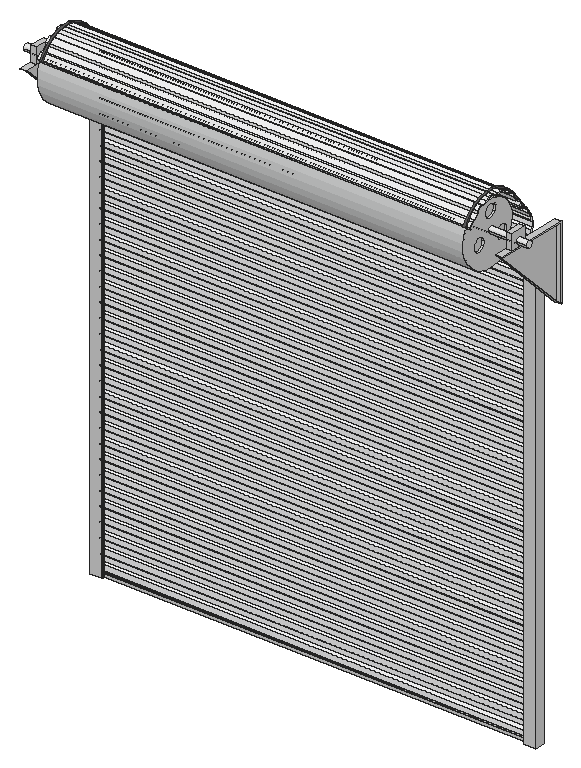
Revit family "Doors_Industrial_Wayne-Dalton_Wind-Load-Roll-Up-Sheet-Doors-Model-790-CW", category Specialty Equipment, host Wall, Revit 2026
Family settings
  Host = Wall
  Round Connector Dimension = Use Diameter
  Part Type = Normal
  Classification Number = 23.30.10.21.34
  Enable Cutting in Views = No
  Always vertical = Yes
  Cut with Voids When Loaded = No
  Maintain Annotation Orientation = No
  Shared = No
  Room Calculation Point = No
Parameters (values of type "‏​Manual push-up")
  Voltage = 0 V
  True Opening Width [instance] = Clear Width  # 100"
  True Opening Height [instance] = Clear Height  # 100"
  Slat Height = 3 91/256" * 3  # 10 17/256"
  Product Page URL = "https://www.wayne-dalton.com/roll-up-sheet-door-790cw"
  Slat Length [instance] = [Opening Width (Real)] + 1/4" * 2 + 1 77/256" * 2  # 103 13/128"
  Power Factor = 1
  Opening Width [instance] = 100"
  Opening Height [instance] = 100"
  Number of Poles = 1
  Motor Type [instance] = "RMZ Wall Mount"  # constant formula
  Min Opening Width [instance] = 96"  # constant formula
  Min Opening Height [instance] = 96"  # constant formula
  Max Opening Width [instance] = 240"  # constant formula
  Max Opening Height [instance] = 192"  # constant formula
  Headroom Height [instance] = 23"  # constant formula
  Opening Width (Real) [instance] = if(Opening Width < Min Opening Width, Min Opening Width, if(Opening Width > Max Opening Width, Max Opening Width, Opening Width))  # 100"
  Opening Height (Real) [instance] = if(Opening Height < Min Opening Height, Min Opening Height, if(Opening Height > Max Opening Height, Max Opening Height, Opening Height))  # 100"
  URL = "https://www.wayne-dalton.com/"
  Product data url = "https://www.bimobject.com/wayne-dalton/product/roll-up-sheet-door-790cw"
  Product Guid = "45e5e410-d0bf-4ab5-9bc7-2935a101f9e6"
  Model = "790CW"  # constant formula
  Manufacturer = "Wayne Dalton"  # constant formula
  Wall Closure = By host
  Frequency = 0 Hz
  Floor To (CL) of Shaft [instance] = [Opening Height (Real)] + 13 95/128" + 1"  # 114 95/128"
  Finish Material = Metal - Wayne Dalton - Galvanized Steel
  Electrical Operator = no
  Description = "MODEL 790CW COMMERCIAL WINDLOAD SHEET DOOR"  # constant formula
  Default Elevation = 0"
  Curtain Material [instance] = Steel - Wayne Dalton - White
  Current = 0 A
  Connection Offset [instance] = [Floor To (CL) of Shaft] - Array Length - 1 3/16" + 1/256"  # 2 53/64"
  Clear Width [instance] = [Opening Width (Real)]  # 100"
  Clear Height [instance] = [Opening Height (Real)]  # 100"
  Chain Hoist = no
  Backroom Depth [instance] = 21"  # constant formula
  Array Length [instance] = (Array) * Slat Height  # 110 187/256"
  Array [instance] = rounddown(([Opening Height (Real)] - 1 3/16" + 11 145/256" + 1") / Slat Height)  # 11
  Apparent Load Phase 1 = Voltage * Current  # 0 VA
Reference planes (in)
  plane 1 "Center (Front/Back)": y = 0
  plane 2 "Center (Left/Right)": x = 0
  plane 3 "Left": x = -50
  plane 4 "Right": x = 50
  plane 5 "Exterior": y = 1.5
  plane 6 "Interior": y = -4.5
  plane 7: x = 50
  plane 8: x = -50
  plane 9: z = 100
  plane 10 "Top": z = 123
  plane 11 "Main": y = -5.75
  plane 12: y = -25.5
  plane 13 "Main Door Block": y = -4.5
  plane 14: z = 47.47
  plane 15 "Bottom Bar": z = 1.1875
  plane 16: x = 52.5
  plane 17: x = -52.5
  plane 18: y = -5.253
  plane 19: y = -6.048
  plane 20: z = 111.91797
  plane 21: z = 114.74219
  plane 22: z = 11.25391
Lines and regions (in)
  Opening 1
    outline origin (-90, -4.5, 0) x (1, 0, 0) y (0, 0, 1)
      loop
        line (40, 0) -> (140, 0) -> (140, 100) -> (40, 100) -> (40, 0)
Text (in)
  text "Exterior" at (-74.96733, 27.31104, 0), in view "Ref. Level"
  text "Interior" at (-74.96733, -25.14366, 0), in view "Ref. Level"
  text "Exterior" at (0, 40.15149, 123.01588), in view "Right"
  text "Interior" at (0, -64.39139, 123.01588), in view "Right"
  text "Interior" at (0, -31.01599, 123.00693), in view "Left"
  text "Exterior" at (0, 54.57065, 123.00693), in view "Left"
Dimensions and locks (in)
  equal spacing: plane 3 "Left", plane 2 "Center (Left/Right)", plane 4 "Right"
  level to host wall = 459.59655"
  "Opening Height (Real)": level to plane 9
  plane 8 to plane 2 "Center (Left/Right)" to plane 7 = 50", 50"
  "Headroom Height": plane 9 to plane 10 "Top"
  locked: plane 13 "Main Door Block" to plane 11 "Main" at 1.25
  locked: plane 1 "Center (Front/Back)" to plane 6 "Interior" at 4.5
  locked: plane 8 to plane 17 at 2.5
  locked: plane 16 to plane 7 at 2.5
  locked: plane 5 "Exterior" to plane 1 "Center (Front/Back)" at 1.5
  equal spacing: plane 7, plane 2 "Center (Left/Right)", plane 8
  locked: plane 18 to plane 11 "Main" at 0.497
  "Opening Width (Real)": plane 7 to plane 8
  "Backroom Depth": plane 12 to plane 6 "Interior"
  locked: plane 11 "Main" to plane 19 at 0.298
  plane 19 to plane 11 "Main" = 0.298"
  locked: plane 15 "Bottom Bar" to level at 1.1875
  "Array Length": plane 20 to plane 15 "Bottom Bar"
  "Floor To (CL) of Shaft": plane 21 to level
  "Slat Height": plane 22 to plane 15 "Bottom Bar"
  equal spacing: group 1, group 2, group 3, group 4, group 5, group 6, group 7, group 8, group 9, group 10, group 11  (x3)
  locked: plane 12 to nested 3 at 8.257
  aligned and locked: Opening 1 sketch curve to level
  aligned and locked: plane 5 "Exterior" to host wall
  aligned and locked: host wall to plane 6 "Interior"
  aligned and locked: plane 8 to Opening 1 sketch curve
  aligned and locked: plane 7 to Opening 1 sketch curve
  aligned and locked: Opening 1 sketch curve to plane 9
  aligned and locked: plane 13 "Main Door Block" to plane 6 "Interior"
  aligned and locked: plane 21 to nested 3
  aligned and locked: plane 2 "Center (Left/Right)" to nested 3
  aligned and locked: plane 15 "Bottom Bar" to nested 2
  aligned and locked: plane 22 to nested 4
  aligned and locked: plane 19 to nested 2
  aligned and locked: plane 19 to nested 4
  aligned and locked: plane 2 "Center (Left/Right)" to nested 2
  aligned and locked: plane 2 "Center (Left/Right)" to nested 4
  aligned and locked: nested 1 to plane 6 "Interior"
  aligned and locked: level to nested 1
  aligned and locked: nested 1 to plane 2 "Center (Left/Right)"
  aligned and locked: plane 7 to nested 13
  aligned and locked: plane 21 to nested 13
Nested families (in)
  nested 1: "Lifts" at (0, -4.5, 0) x (-1, 0, 0) z (0, 0, 1), type "Frame Unit"
  nested 2: "Slat" at (0, -6.048, 1.1875), type "Slat"
  nested 3: "Top Slat" at (0, -17.243, 114.74219), type "Top Slat"
  nested 4: "Slat" at (0, -6.048, 11.25391), type "Slat"
  nested 5: "Slat" at (0, -6.048, 21.32031), type "Slat"
  nested 6: "Slat" at (0, -6.048, 31.38672), type "Slat"
  nested 7: "Slat" at (0, -6.048, 41.45313), type "Slat"
  nested 8: "Slat" at (0, -6.048, 51.51953), type "Slat"
  nested 9: "Slat" at (0, -6.048, 61.58594), type "Slat"
  nested 10: "Slat" at (0, -6.048, 71.65234), type "Slat"
  nested 11: "Slat" at (0, -6.048, 81.71875), type "Slat"
  nested 12: "Slat" at (0, -6.048, 91.78516), type "Slat"
  nested 13: "Operator" at (50, -17.243, 114.74219), type "Family1"
  nested 14: "Slat" at (0, -6.048, 101.85156), type "Slat"
Connectors (in)
  electrical at (55.75, -17.243, 114.74219), driven by "Number of Poles", driven by "Voltage", driven by "Power Factor"
    settings: on nested 13, index 1, voltage 0 V, apparent load 0 VA, apparent load phase1 0 VA, apparent load phase2 0 VA, apparent load phase3 0 VA, power factor 1, load classification "Other", number of poles 1, system type 31, power factor state 1, is connector primary yes, connector utility no, sub classification motor no, connector description "Electrical Connector"
Definition of nested family "Lifts"
  Parameters (values of type "Frame Unit")
    Shaft Radius = 3/4"  # constant formula
    Shaft Material = none
    Setback = 1/4"  # constant formula
    Right Shaft Offset = 10"
    Resin Support Outter Radius = 8.257"  # constant formula
    Resin Support Inner Radius = 8.187"  # constant formula
    Resin Stopper Radius = 1 1/2"  # constant formula
    Resin Muft Offset = 2.141"  # constant formula
    Resin Elements Material = none
    Opening Width = 100"
    Muft Outter Radius = 8.257"  # constant formula
    Muft Inner Radius = 6 3/8"  # constant formula
    Left Shaft Offset = 10"
    J Offset = 11.743" + 1"  # 12.743"
    Headroom Height = 23"
    Header Width = 21"
    H = 12.243" + 1"  # 13.243"
    Guide Width R Real = Guid Width + Setback  # 3 1/4"
    Guide Width L Real = Guid Width + Setback  # 3 1/4"
    Guid Width = 3"  # constant formula
    Opening Height = 100"
    Floor To (CL) of Shaft = Opening Height + 13.742" + 1"  # 114.742"
    Finish Material = none
    Default Elevation = 48"
    Analytic Construction = "<None>"
  Reference planes (in)
    plane 1 "Center (Front/Back)": y = 0
    plane 2: z = 0
    plane 3 "Center (Left/Right)": x = 0
    plane 4 "Left": x = -50
    plane 5 "Right": x = 50
    plane 6 "Opening Height": z = 100
    plane 7: x = -60
    plane 8: x = 60
    plane 9: z = 123
    plane 10: y = 21
    plane 11: x = -25
    plane 12: x = 25
    plane 13: z = 114.742
    plane 14: y = 12.743
    plane 15: x = -51.55
    plane 16: x = 51.55
    plane 17: x = 53.25
    plane 18: x = -53.25
    plane 19: z = 113.243
    plane 20: x = 57
    plane 21: x = 50.75
    plane 22: x = -50.75
  Forms (in)
    Extrusion 1, solid, material <- "Finish Material"
      sketch origin (0, 0, 0) x (1, 0, 0) y (0, 1, 0)
        loop
          line (-53.25, 0) -> (-50.375, 0)
          arc (-50.375, 0) -> (-50.28661, 0.03661) -> (-50.25, 0.125) r 0.125
          line (-50.25, 0.125) -> (-50.25, 0.625)
          arc (-50.25, 0.625) -> (-50.26831, 0.66919) -> (-50.3125, 0.6875) r 0.0625
          line (-50.3125, 0.6875) -> (-51.55, 0.6875) -> (-51.55, 1.78125) -> (-50.325, 1.78125)
          arc (-50.325, 1.78125) -> (-50.27197, 1.80322) -> (-50.25, 1.85625) r 0.075
          line (-50.25, 1.85625) -> (-50.25, 2.21875)
          arc (-50.25, 2.21875) -> (-50.28661, 2.30714) -> (-50.375, 2.34375) r 0.125
          line (-50.375, 2.34375) -> (-53.25, 2.34375) -> (-53.25, 0)
        loop
          line (53.25, 0) -> (53.25, 2.34375) -> (50.3625, 2.34375)
          arc (50.3625, 2.34375) -> (50.28295, 2.3108) -> (50.25, 2.23125) r 0.1125
          line (50.25, 2.23125) -> (50.25, 1.85625)
          arc (50.25, 1.85625) -> (50.27197, 1.80322) -> (50.325, 1.78125) r 0.075
          line (50.325, 1.78125) -> (51.55, 1.78125) -> (51.55, 0.6875) -> (50.3125, 0.6875)
          arc (50.3125, 0.6875) -> (50.26831, 0.66919) -> (50.25, 0.625) r 0.0625
          line (50.25, 0.625) -> (50.25, 0.125)
          arc (50.25, 0.125) -> (50.28661, 0.03661) -> (50.375, 0) r 0.125
          line (50.375, 0) -> (53.25, 0)
      from 100 to 0
    Extrusion 2, solid, material <- "Finish Material"
      sketch origin (0, 0, 0) x (0, 1, 0) y (0, 0, 1)
        loop
          line (2.0625, 1) -> (2.0625, 1.1875) -> (1.45087, 1.1875) -> (1.45087, 2.125) -> (-0.15187, 2.125) -> (-0.3125, 1.96437) -> (-0.3125, 1.34813) -> (-0.15187, 1.1875) -> (0, 1.1875) -> (0, 1) -> (2.0625, 1)
      from -51.55 to 51.55
    Extrusion 3, solid, material <- "Finish Material"
      sketch origin (0, 0, 0) x (0, 1, 0) y (0, 0, 1)
        loop
          line (0.73437, 1) -> (0.73437, 0) -> (1.73437, 0) -> (1.73437, 1) -> (0.73437, 1)
      from -51.55 to 51.55
    Extrusion 4, solid, material <- "Shaft Material"
      sketch origin (0, 0, 0) x (0, 1, 0) y (0, 0, 1)
        loop
          circle (12.743, 114.742) r 0.75
      from -60 to 60
    Extrusion 5, solid, material <- "Finish Material"
      sketch origin (-53.25, 0, 100) x (0, 0, 1) y (0, -1, 0)
        loop
          line (13.243, -14.568) -> (16.893, -14.568) -> (16.893, -10.918) -> (13.243, -10.918) -> (13.243, 0) -> (-4.5, 0) -> (13.243, -17.743) -> (13.243, -14.568)
      from -4.25 to -2.75
    Extrusion 6, solid, material <- "Finish Material"
      sketch origin (53.25, 0, 100) x (0, 0, 1) y (0, -1, 0)
        loop
          line (13.243, -14.568) -> (16.893, -14.568) -> (16.893, -10.918) -> (13.243, -10.918) -> (13.243, 0) -> (-4.5, 0) -> (13.243, -17.743) -> (13.243, -14.568)
      from 4.25 to 2.75
    Extrusion 7, void
      sketch origin (0, 0, 0) x (1, 0, 0) y (0, 1, 0)
        loop
          line (50, -0.3125) -> (51.55, -0.3125) -> (51.55, 0.125) -> (50, 0.125) -> (50, -0.3125)
        loop
          line (-50, -0.3125) -> (-50, 0.125) -> (-51.55, 0.125) -> (-51.55, -0.3125) -> (-50, -0.3125)
      from 0 to 2.125
    Extrusion 8, solid, material <- "Finish Material"
      sketch origin (0, 12.743, 114.742) x (0, 0.906308, 0.422618) y (0, -0.422618, 0.906308)
        loop
          arc (6.375, 0) -> (0, 6.375) -> (-6.375, 0) r 6.375
          line (-6.375, 0) -> (-8.257, 0)
          arc (-8.257, 0) -> (0, -8.257) -> (8.257, 0) r 8.257
          line (8.257, 0) -> (6.375, 0)
        loop
          circle (1.658, 3.5556) r 1.625
        loop
          circle (2.25024, -3.21367) r 1.625
        loop
          circle (-3.90824, -0.34193) r 1.625
      from 50.75 to -50.75
    Extrusion 9, solid, material <- "Finish Material"
      sketch origin (0, 0, 0) x (0, 1, 0) y (0, 0, 1)
        loop
          circle (12.743, 114.742) r 6.375
      from -50 to 50
    Extrusion 10, void
      sketch origin (53.25, 0, 100) x (0, 0, 1) y (-1, 0, 0)
        loop
          line (12.963, -3.03) -> (-4.5, -3.03) -> (-4.5, -4.25) -> (12.963, -4.25) -> (12.963, -3.03)
        loop
          line (16.893, -4.25) -> (16.893, -4.1749) -> (13.243, -4.1749) -> (13.243, -4.25) -> (16.893, -4.25)
        loop
          line (16.893, -2.75) -> (13.243, -2.75) -> (13.243, -2.8251) -> (16.893, -2.8251) -> (16.893, -2.75)
      from -0.28 to -20.22638
    Extrusion 11, void
      sketch origin (-53.25, 0, 100) x (0, 0, -1) y (-1, 0, 0)
        loop
          line (-12.963, 3.03) -> (4.5, 3.03) -> (4.5, 4.25) -> (-12.963, 4.25) -> (-12.963, 3.03)
        loop
          line (-16.893, 4.25) -> (-16.893, 4.1749) -> (-13.243, 4.1749) -> (-13.243, 4.25) -> (-16.893, 4.25)
        loop
          line (-16.893, 2.75) -> (-13.243, 2.75) -> (-13.243, 2.8251) -> (-16.893, 2.8251) -> (-16.893, 2.75)
      from 0.28 to 17.743
    Sweep 12, solid, material <- "Resin Elements Material"
      path origin (0, 0, 0) x (0, 1, 0) y (0, 0, 1)
        loop
          line (0.6875, 0) -> (0.6875, 112.601) -> (6.19446, 119.77138)
          arc (6.19446, 119.77138) -> (13.64369, 122.94973) -> (20.22638, 118.23156) r 8.257
      profile origin (0, 0.6875, 56.3005) x (0, -1, 0) y (1, 0, 0)
        loop
          line (0, 50.25) -> (0, 50.75) -> (-0.07, 50.75) -> (-0.07, 50.25) -> (0, 50.25)
        loop
          line (0, -50.25) -> (-0.07, -50.25) -> (-0.07, -50.75) -> (0, -50.75) -> (0, -50.25)
  Cuts and joins
    Extrusion 11 cuts Extrusion 5
    Extrusion 10 cuts Extrusion 6
    joined: Extrusion 5, Extrusion 6
    Extrusion 7 cuts Extrusion 2
  Lines and regions (in)
    Masking region 1
      outline origin (0, 0, 0) x (1, 0, 0) y (0, 1, 0)
        loop
          line (-51.55, 2.34375) -> (-53.25, 2.34375) -> (-53.25, 0) -> (-51.55, 0) -> (-51.55, 2.34375)
        loop
          line (51.55, 2.34375) -> (51.55, 0) -> (53.25, 0) -> (53.25, 2.34375) -> (51.55, 2.34375)
    Masking region 2
      outline origin (0, 0, 0) x (1, 0, 0) y (0, 1, 0)
        loop
          line (60, 11.993) -> (60, 13.493) -> (57.4249, 13.493) -> (57.4249, 14.568) -> (56.0751, 14.568) -> (56.0751, 13.493) -> (51.55, 13.493) -> (51.55, 11.993) -> (56.0751, 11.993) -> (56.0751, 10.918) -> (57.4249, 10.918) -> (57.4249, 11.993) -> (60, 11.993)
        loop
          line (-60, 11.993) -> (-57.4249, 11.993) -> (-57.4249, 10.918) -> (-56.0751, 10.918) -> (-56.0751, 11.993) -> (-51.55, 11.993) -> (-51.55, 13.493) -> (-56.0751, 13.493) -> (-56.0751, 14.568) -> (-57.4249, 14.568) -> (-57.4249, 13.493) -> (-60, 13.493) -> (-60, 11.993)
    Masking region 3
      outline origin (0, 0, 0) x (1, 0, 0) y (0, 1, 0)
        loop
          line (-56, 0) -> (-56, 17.743) -> (-57.5, 17.743) -> (-57.5, 0) -> (-56, 0)
        loop
          line (56, 17.743) -> (56, 0) -> (57.5, 0) -> (57.5, 17.743) -> (56, 17.743)
    Masking region 4
      outline origin (0, 0, 0) x (1, 0, 0) y (0, 1, 0)
        loop
          line (-53.25, 2.34375) -> (-53.25, 0) -> (-50.375, 0)
          arc (-50.375, 0) -> (-50.28661, 0.03661) -> (-50.25, 0.125) r 0.125
          line (-50.25, 0.125) -> (-50.25, 0.625)
          arc (-50.25, 0.625) -> (-50.26831, 0.66919) -> (-50.3125, 0.6875) r 0.0625
          line (-50.3125, 0.6875) -> (-51.55, 0.6875) -> (-51.55, 1.78125) -> (-50.75, 1.78125) -> (-50.75, 2.34375) -> (-53.25, 2.34375)
        loop
          line (53.25, 2.34375) -> (50.75, 2.34375) -> (50.75, 1.78125) -> (51.55, 1.78125) -> (51.55, 0.6875) -> (50.3125, 0.6875)
          arc (50.3125, 0.6875) -> (50.26831, 0.66919) -> (50.25, 0.625) r 0.0625
          line (50.25, 0.625) -> (50.25, 0.125)
          arc (50.25, 0.125) -> (50.28661, 0.03661) -> (50.375, 0) r 0.125
          line (50.375, 0) -> (53.25, 0) -> (53.25, 2.34375)
    Masking region 5
      outline origin (0, 0, 0) x (1, 0, 0) y (0, 1, 0)
        loop
          line (-50.75, 20.22638) -> (-50.75, 0.6875) -> (-50.25, 0.6875) -> (-50.25, 20.22638) -> (-50.75, 20.22638)
        loop
          line (50.25, 0.6875) -> (50.75, 0.6875) -> (50.75, 20.22638) -> (50.25, 20.22638) -> (50.25, 0.6875)
    reference lines
      curve 1: line (53.25, 0, 100) -> (53.25, 0, 109.583)
      curve 2: line (-53.25, 0, 100) -> (-53.25, 0, 109.583)
      curve 3: line (0, 12.743, 114.742) -> (0, 21, 118.5923)
    symbolic lines
      curve 4: line (56.0751, 10.918, 0) -> (56.0751, 14.568, 0)
      curve 5: line (57.4249, 14.568, 0) -> (57.4249, 10.918, 0)
      curve 6: line (-57.4249, 10.918, 0) -> (-57.4249, 14.568, 0)
      curve 7: line (-56.0751, 14.568, 0) -> (-56.0751, 10.918, 0)
  Dimensions and locks (in)
    equal spacing: plane 4 "Left", plane 3 "Center (Left/Right)", plane 5 "Right"
    "Opening Width": plane 4 "Left" to plane 5 "Right"
    "Opening Height": plane 6 "Opening Height" to level
    "Guide Width L Real": Extrusion 1 sketch curve to plane 4 "Left"
    locked: Extrusion 1 sketch curve to Extrusion 1 sketch curve at 2.34375
    "Headroom Height": plane 9 to plane 6 "Opening Height"
    plane 10 to plane 1 "Center (Front/Back)" = 21"
    "Header Width": plane 10 to plane 1 "Center (Front/Back)"
    locked: Extrusion 1 sketch curve to Extrusion 1 sketch curve at 0.5625
    locked: Extrusion 1 sketch curve to Extrusion 1 sketch curve at 0.6875
    locked: Extrusion 3 sketch curve to level at 1
    locked: Extrusion 2 sketch curve to level at 2.125
    locked: Extrusion 2 sketch curve to level at 1.1875
    locked: Extrusion 2 sketch curve to Extrusion 2 sketch curve at 1.125
    locked: Extrusion 2 sketch curve to Extrusion 2 sketch curve at 0.16063  (x2)
    locked: Extrusion 7 sketch curve to plane 1 "Center (Front/Back)" at 0.3125  (x2)
    locked: plane 1 "Center (Front/Back)" to Extrusion 7 sketch curve at 0.125
    equal spacing: plane 4 "Left", plane 11, plane 3 "Center (Left/Right)"
    equal spacing: plane 5 "Right", plane 12, plane 3 "Center (Left/Right)"
    "Floor To (CL) of Shaft": plane 13 to plane 2
    "J Offset": plane 14 to plane 1 "Center (Front/Back)"
    locked: curve 1 to curve 1 at 9.583
    locked: curve 2 to curve 2 at 9.583
    "Setback": Extrusion 1 sketch curve to plane 4 "Left"
    locked: Extrusion 1 sketch curve to Extrusion 1 sketch curve at 1.3  (x2)
    "Setback": plane 5 "Right" to Extrusion 1 sketch curve
    "Guide Width R Real": plane 5 "Right" to Extrusion 1 sketch curve
    locked: plane 15 to plane 4 "Left" at 1.55
    locked: plane 5 "Right" to plane 16 at 1.55
    "Guide Width R Real": plane 5 "Right" to plane 17
    "Guide Width L Real": plane 18 to plane 4 "Left"
    "Left Shaft Offset": plane 7 to plane 4 "Left"
    "Right Shaft Offset": plane 5 "Right" to plane 8
    locked: plane 1 "Center (Front/Back)" to Extrusion 3 sketch curve at 0.73437
    locked: Extrusion 3 sketch curve to Extrusion 3 sketch curve at 1
    "H": plane 19 to plane 6 "Opening Height"
    plane 5 "Right" to plane 20 = 7"
    locked: plane 5 "Right" to plane 21 at 0.75
    locked: plane 22 to plane 4 "Left" at 0.75
    locked: plane 14 to Extrusion 6 sketch curve at 5
    locked: plane 14 to Extrusion 5 sketch curve at 5
    equal spacing: Extrusion 6 sketch curve, plane 14, Extrusion 6 sketch curve
    locked: Extrusion 6 sketch curve to plane 14 at 1.825
    locked: Extrusion 6 sketch curve to plane 13 at 2.151
    equal spacing: Extrusion 5 sketch curve, plane 14, Extrusion 5 sketch curve
    locked: Extrusion 5 sketch curve to plane 14 at 1.825
    locked: Extrusion 5 sketch curve to plane 13 at 2.151
    locked: plane 1 "Center (Front/Back)" to Sweep 12 sketch curve at 0.6875
    locked: Sweep 12 sketch curve to Sweep 12 sketch curve at 0.07
    "Resin Muft Offset": plane 13 to Sweep 12 sketch curve
    "Setback": plane 5 "Right" to Sweep 12 sketch curve
    "Setback": Sweep 12 sketch curve to plane 4 "Left"
    equal spacing: Masking region 2 sketch curve, plane 14, Masking region 2 sketch curve
    "Shaft Radius": Masking region 2 sketch curve to plane 14
    radius of Extrusion 1 sketch curve = 1/16"  (x2)
    radius of Extrusion 1 sketch curve = 1/8"  (x3)
    radius of Extrusion 1 sketch curve = 0.075"  (x2)
    radius of Extrusion 1 sketch curve = 0.1125"
    "Shaft Radius": radius of Extrusion 4 sketch curve
    "Muft Inner Radius": radius of Extrusion 8 sketch curve
    "Muft Outter Radius": radius of Extrusion 8 sketch curve
    "Muft Inner Radius": radius of Extrusion 9 sketch curve
    "Resin Support Outter Radius": radius of Sweep 12 sketch curve
    locked: plane 13 to curve 3 (angle 25.00°)
    locked: Extrusion 6 sketch curve to Extrusion 6 sketch curve (angle 45.00°)
    locked: plane 19 to Extrusion 5 sketch curve (angle 45.00°)
    aligned and locked: plane 2 to level
    aligned and locked: plane 1 "Center (Front/Back)" to Extrusion 1 sketch curve
    aligned and locked: Extrusion 1 sketch curve to plane 1 "Center (Front/Back)"
    aligned and locked: Extrusion 1 sketch curve to Extrusion 1 sketch curve  (x5)
    aligned and locked: plane 7 to Extrusion 4
    aligned and locked: Extrusion 4 to plane 8
    aligned and locked: plane 6 "Opening Height" to Extrusion 1
    aligned and locked: Extrusion 3 sketch curve to level
    aligned and locked: Extrusion 2 sketch curve to Extrusion 2 sketch curve
    aligned and locked: Extrusion 7 sketch curve to plane 5 "Right"
    aligned and locked: Extrusion 7 sketch curve to plane 4 "Left"
    aligned and locked: Extrusion 7 sketch curve to Extrusion 7 sketch curve
    aligned and locked: plane 13 to Extrusion 4 sketch curve
    aligned and locked: plane 14 to Extrusion 4 sketch curve
    aligned and locked: plane 6 "Opening Height" to curve 1
    aligned and locked: plane 6 "Opening Height" to curve 2
    aligned and locked: Extrusion 7 sketch curve to plane 15
    aligned and locked: plane 15 to Extrusion 3
    aligned and locked: plane 15 to cut or joined group of Extrusion 2, Extrusion 7
    aligned and locked: Extrusion 3 to plane 16
    aligned and locked: cut or joined group of Extrusion 2, Extrusion 7 to plane 16
    aligned and locked: Extrusion 7 sketch curve to plane 16
    aligned and locked: curve 1 to plane 17
    aligned and locked: curve 2 to plane 18
    aligned and locked: Extrusion 1 to Masking region 1 sketch curve  (x2)
    aligned and locked: Masking region 1 sketch curve to Extrusion 1  (x4)
    aligned and locked: plane 14 to Extrusion 8 sketch curve
    aligned and locked: plane 13 to Extrusion 8 sketch curve
    aligned and locked: plane 14 to curve 3
    aligned and locked: plane 10 to curve 3
    aligned and locked: curve 3 to Extrusion 8 sketch curve
    aligned and locked: Extrusion 8 sketch curve to curve 3
    aligned and locked: plane 14 to Extrusion 9 sketch curve
    aligned and locked: plane 13 to Extrusion 9 sketch curve
    aligned and locked: Extrusion 8 to plane 21
    aligned and locked: Extrusion 9 to plane 5 "Right"
    aligned and locked: Extrusion 8 to plane 22
    aligned and locked: plane 4 "Left" to Extrusion 9
    aligned and locked: Extrusion 6 sketch curve to plane 19  (x2)
    aligned and locked: plane 1 "Center (Front/Back)" to Extrusion 6 sketch curve
    aligned and locked: Extrusion 5 sketch curve to plane 19  (x2)
    aligned and locked: plane 1 "Center (Front/Back)" to Extrusion 5 sketch curve
    aligned and locked: level to Sweep 12 sketch curve
    aligned and locked: Sweep 12 sketch curve to profile plane
    aligned and locked: Sweep 12 sketch curve to plane 21
    aligned and locked: Sweep 12 sketch curve to Sweep 12 sketch curve  (x2)
    aligned and locked: Sweep 12 sketch curve to plane 22
    aligned and locked: plane 13 to Sweep 12 sketch curve
    aligned and locked: plane 14 to Sweep 12 sketch curve
    aligned and locked: curve 3 to Sweep 12 sketch curve
    aligned and locked: Masking region 2 sketch curve to plane 8
    aligned and locked: cut or joined group of Extrusion 5, Extrusion 6, Extrusion 10, Extrusion 11 to Masking region 2 sketch curve  (x12)
    aligned and locked: Masking region 2 sketch curve to plane 7
    aligned and locked: Masking region 2 sketch curve to Masking region 2 sketch curve  (x6)
    aligned and locked: Masking region 3 sketch curve to cut or joined group of Extrusion 5, Extrusion 6, Extrusion 10, Extrusion 11  (x6)
    aligned and locked: cut or joined group of Extrusion 5, Extrusion 6, Extrusion 10, Extrusion 11 to Masking region 3 sketch curve  (x2)
    aligned and locked: cut or joined group of Extrusion 5, Extrusion 6, Extrusion 10, Extrusion 11 to curve 4  (x3)
    aligned and locked: cut or joined group of Extrusion 5, Extrusion 6, Extrusion 10, Extrusion 11 to curve 5  (x3)
    aligned and locked: cut or joined group of Extrusion 5, Extrusion 6, Extrusion 10, Extrusion 11 to curve 6  (x3)
    aligned and locked: cut or joined group of Extrusion 5, Extrusion 6, Extrusion 10, Extrusion 11 to curve 7  (x3)
    aligned and locked: Masking region 4 sketch curve to Extrusion 1  (x12)
    aligned and locked: Extrusion 1 to Masking region 4 sketch curve  (x2)
    aligned and locked: Sweep 12 to Masking region 4 sketch curve  (x2)
    aligned and locked: Masking region 5 sketch curve to Sweep 12  (x8)
    aligned and locked: Masking region 2 sketch curve to plane 15
    aligned and locked: Masking region 2 sketch curve to plane 16
  Automatic sketch dimensions
    Extrusion 2 sketch curve to plane 1 "Center (Front/Back)" = 0"
    plane 1 "Center (Front/Back)" to Extrusion 2 sketch curve = 0.15187"  (x2)
    Extrusion 2 sketch curve to Extrusion 2 sketch curve = 0.16063"
    Extrusion 2 sketch curve to plane 1 "Center (Front/Back)" = 1.45088"
    Extrusion 2 sketch curve to Extrusion 2 sketch curve = 0.61162"
    plane 1 "Center (Front/Back)" to Masking region 1 sketch curve = 0"
    Masking region 1 sketch curve to plane 1 "Center (Front/Back)" = 2 11/32"
    curve 3 to plane 13 = 0"
    curve 2 to Extrusion 11 sketch curve = 2.8251"
    Extrusion 11 sketch curve to curve 2 = 7.31"
    Extrusion 11 sketch curve to Extrusion 11 sketch curve = 0"  (x2)
    Extrusion 11 sketch curve to curve 2 = 3.66"
    Extrusion 11 sketch curve to Extrusion 11 sketch curve = 0.28"
    curve 2 to Extrusion 11 sketch curve = 4 1/2"
    Extrusion 11 sketch curve to Extrusion 11 sketch curve = 0.0751"  (x2)
    curve 2 to Extrusion 11 sketch curve = 3.03"
    Extrusion 11 sketch curve to Extrusion 11 sketch curve = 1.1449"
    Extrusion 11 sketch curve to Extrusion 11 sketch curve = 1.22"
    Extrusion 10 sketch curve to curve 1 = 4 1/2"
    curve 1 to Extrusion 10 sketch curve = 3.38"
    Extrusion 10 sketch curve to Extrusion 10 sketch curve = 0.28"  (x2)
    Extrusion 10 sketch curve to Extrusion 10 sketch curve = 3.65"
    Extrusion 10 sketch curve to Extrusion 10 sketch curve = 0"  (x2)
    curve 1 to Extrusion 10 sketch curve = 4 1/4"
    Extrusion 10 sketch curve to Extrusion 10 sketch curve = 0.0751"  (x2)
    Extrusion 10 sketch curve to Extrusion 10 sketch curve = 1.1449"
    Extrusion 10 sketch curve to Extrusion 10 sketch curve = 1.34981"
    Extrusion 8 sketch curve to Extrusion 8 sketch curve = 0"
    curve 3 to Extrusion 8 sketch curve = 0.34193"
    Extrusion 8 sketch curve to Extrusion 8 sketch curve = 2.46676"
    curve 3 to Extrusion 8 sketch curve = 1.658"
    curve 3 to Extrusion 8 sketch curve = 2.25024"
    Extrusion 8 sketch curve to curve 3 = 3.21367"
    curve 3 to Extrusion 8 sketch curve = 3.5556"
    radius of Extrusion 8 sketch curve = 1 5/8"  (x3)
Definition of nested family "Slat"
  Parameters (values of type "Slat")
    Slat Height = 3.354" * 3  # 10.062"
    Panel Material = none
    Opening Width = 103 13/128"
    Default Elevation = 48"
  Reference planes (in)
    plane 1 "Center (Front/Back)": y = 0
    plane 2: z = 0
    plane 3 "Center (Left/Right)": x = 0
    plane 4: z = 10.062
    plane 5: x = -51.55078
    plane 6: x = 51.55078
  Forms (in)
    Extrusion 1, solid, material <- "Panel Material"
      sketch origin (0, 0, 0) x (0, 1, 0) y (0, 0, 1)
        loop
          line (0.5962, 1.67027) -> (0.5962, 2.9709) -> (0.04, 3.375) -> (0.04, 4.62025) -> (0.5962, 5.02435) -> (0.5962, 6.32497) -> (0.04, 6.72907) -> (0.04, 7.97432) -> (0.5962, 8.37842) -> (0.5962, 9.67905) -> (0.04, 10.08315) -> (0, 10.06222) -> (0.5562, 9.65812) -> (0.5562, 8.3988) -> (0, 7.9947) -> (0, 6.70815) -> (0.5562, 6.30405) -> (0.5562, 5.04473) -> (0, 4.64063) -> (0, 3.35407) -> (0.5562, 2.94997) -> (0.5562, 1.69065) -> (0, 1.28655) -> (0, 0) -> (0.04, 0) -> (0.04, 1.26617) -> (0.5962, 1.67027)
      from -51.55078 to 51.55078
  Dimensions and locks (in)
    "Slat Height": plane 4 to plane 2
    equal spacing: plane 5, plane 3 "Center (Left/Right)", plane 6
    "Opening Width": plane 5 to plane 6
    aligned and locked: plane 2 to level
    aligned and locked: plane 5 to Extrusion 1
    aligned and locked: plane 6 to Extrusion 1
  Automatic sketch dimensions
    Extrusion 1 sketch curve to plane 1 "Center (Front/Back)" = 0"  (x4)
    Extrusion 1 sketch curve to level = 0"
    Extrusion 1 sketch curve to plane 1 "Center (Front/Back)" = 0.04"  (x3)
    Extrusion 1 sketch curve to Extrusion 1 sketch curve = 0.04"  (x4)
    Extrusion 1 sketch curve to plane 1 "Center (Front/Back)" = 0.5562"  (x3)
    level to Extrusion 1 sketch curve = 1.26617"
    Extrusion 1 sketch curve to Extrusion 1 sketch curve = 0.02038"  (x6)
    Extrusion 1 sketch curve to Extrusion 1 sketch curve = 0.4041"  (x5)
    Extrusion 1 sketch curve to Extrusion 1 sketch curve = 1.25932"  (x2)
    Extrusion 1 sketch curve to Extrusion 1 sketch curve = 0.02093"  (x5)
    Extrusion 1 sketch curve to Extrusion 1 sketch curve = 1.24525"
    Extrusion 1 sketch curve to Extrusion 1 sketch curve = 1.26617"
    Extrusion 1 sketch curve to plane 4 = 0.40388"
    plane 4 to Extrusion 1 sketch curve = 0.00022"
    plane 4 to Extrusion 1 sketch curve = 0.02115"
Definition of nested family "Top Slat"
  Parameters (values of type "Top Slat")
    Slat Height = 3.354"  # constant formula
    Primar Offset = 2 53/64"
    Panel Material = none
    Opening Width = 103 13/128"
    Offset 2 = if(Primar Offset > Slat Height * 2 + 2.175", Slat Height, 0")  # 0"
    Offset 1 = if(Primar Offset > Slat Height + 2.175", Slat Height, 0")  # 0"
    Default Elevation = 48"
    2nd Slat = if(Offset 2 = 0", 1 = 2, 1 = 1)  # no
    1st Slat = if(Offset 1 = 0", 1 = 2, 1 = 1)  # no
  Reference planes (in)
    plane 1 "Center (Front/Back)": y = 0
    plane 2: z = 0
    plane 3 "Center (Left/Right)": x = 0
    plane 4: x = -51.55078
    plane 5: x = 51.55078
  Forms (in)
    Extrusion 1, solid, material <- "Panel Material"
      sketch origin (0, -2.21749, 3.375) x (0, 1, 0) y (0, 0, 1)
        loop
          line (10.95902, -2.50599) -> (10.16621, -1.54574) -> (10.33784, -0.88) -> (9.50977, 0.12295) -> (8.80388, 0.07924)
          arc (8.80388, 0.07924) -> (8.49771, 0.60905) -> (8.14904, 1.11191) r 7.43816
          line (8.14904, 1.11191) -> (8.2539, 1.79485) -> (7.32987, 2.71017) -> (6.64852, 2.59895)
          arc (6.64852, 2.59895) -> (6.13875, 2.94542) -> (5.60204, 3.2485) r 7.43816
          line (5.60204, 3.2485) -> (5.3989, 3.90891) -> (4.16842, 4.33026) -> (3.60357, 3.93332)
          arc (3.60357, 3.93332) -> (2.99378, 4.02311) -> (2.37865, 4.0621) r 7.43816
          line (2.37865, 4.0621) -> (1.90809, 4.56805) -> (0.61695, 4.41126) -> (0.28145, 3.80789)
          arc (0.28145, 3.80789) -> (-0.30099, 3.62505) -> (-0.86648, 3.39508) r 7.43816
          line (-0.86648, 3.39508) -> (-1.51005, 3.64652) -> (-2.60504, 2.94465) -> (-2.64527, 2.25544)
          arc (-2.64527, 2.25544) -> (-3.09055, 1.83784) -> (-3.50009, 1.38513) r 7.43816
          line (-3.50009, 1.38513) -> (-4.189, 1.33218) -> (-4.87061, 0.22447) -> (-4.72055, -0.13969) -> (-4.66641, -0.16494) -> (-4.82558, 0.22133) -> (-4.16562, 1.29386) -> (-3.48014, 1.34654)
          arc (-3.48014, 1.34654) -> (-3.0618, 1.81003) -> (-2.60586, 2.2366) r 7.39816
          line (-2.60586, 2.2366) -> (-2.56584, 2.92226) -> (-1.50563, 3.60185) -> (-0.86527, 3.35166)
          arc (-0.86527, 3.35166) -> (-0.28716, 3.58752) -> (0.30877, 3.7738) r 7.39816
          line (0.30877, 3.7738) -> (0.64255, 4.37407) -> (1.89268, 4.52589) -> (2.36089, 4.02246)
          arc (2.36089, 4.02246) -> (2.98991, 3.98329) -> (3.61331, 3.89073) r 7.39816
          line (3.61331, 3.89073) -> (4.17526, 4.28564) -> (5.36666, 3.87767) -> (5.56879, 3.22056)
          arc (5.56879, 3.22056) -> (6.11792, 2.91127) -> (6.63873, 2.55637) r 7.39816
          line (6.63873, 2.55637) -> (7.31659, 2.66703) -> (8.21127, 1.78078) -> (8.10693, 1.10124)
          arc (8.10693, 1.10124) -> (8.46647, 0.58362) -> (8.78065, 0.03728) r 7.39816
          line (8.78065, 0.03728) -> (9.49225, 0.08135) -> (10.29402, -0.88975) -> (10.12239, -1.55549) -> (10.9415, -2.5476) -> (11.65309, -2.50352) -> (12.45486, -3.47463) -> (12.28082, -4.14974) -> (13.41281, -5.50386) -> (13.41281, -6.20312) -> (13.48161, -6.20312) -> (13.45281, -6.1822) -> (13.45281, -5.49244) -> (12.32739, -4.12932) -> (12.49868, -3.46488) -> (11.67061, -2.46192) -> (10.96472, -2.50564)
      from -51.55078 to 51.55078
    Extrusion 2, solid, material <- "Panel Material", visible <- "1st Slat"
      sketch origin (0, 1.16153, -2.82813) x (0, 1, 0) y (0, 0, 1)
        loop
          line (10.62998, 1.67027) -> (10.62998, 2.9709) -> (10.07378, 3.375) -> (10.03378, 3.35407) -> (10.58998, 2.94997) -> (10.58998, 1.69065) -> (10.03378, 1.28655) -> (10.03378, 0) -> (10.07378, 0) -> (10.07378, 1.26617) -> (10.62998, 1.67027)
      from -51.55078 to 51.55078
    Extrusion 3, solid, material <- "Panel Material", visible <- "2nd Slat"
      sketch origin (0, 1.16153, 0.52587) x (0, 1, 0) y (0, 0, 1)
        loop
          line (10.62998, 1.67027) -> (10.62998, 2.9709) -> (10.07378, 3.375) -> (10.03378, 3.35407) -> (10.58998, 2.94997) -> (10.58998, 1.69065) -> (10.03378, 1.28655) -> (10.03378, 0) -> (10.07378, 0) -> (10.07378, 1.26617) -> (10.62998, 1.67027)
      from -51.55078 to 51.55078
  Lines and regions (in)
    Masking region 1
      outline origin (0, 0, 0) x (1, 0, 0) y (0, 1, 0)
        loop
          line (-51.55078, -7.08811) -> (51.55078, -7.08811) -> (51.55078, 11.75151) -> (-51.55078, 11.75151) -> (-51.55078, -7.08811)
    reference lines
      curve 1: line (0, 0, -2.82813) -> (0, 15, -2.82813)
      curve 2: line (0, 0, -2.82813) -> (0, 15, -2.82813)
      curve 3: line (0, 0, -2.82813) -> (0, 15, -2.82813)
    symbolic lines
      curve 4: line (51.55078, 10.07388, 0) -> (-51.55078, 10.07388, 0)
      curve 5: line (-51.55078, 9.75558, 0) -> (51.55078, 9.75558, 0)
      curve 6: line (-51.55078, 9.06865, 0) -> (51.55078, 9.06865, 0)
      curve 7: line (-51.55078, 8.38293, 0) -> (51.55078, 8.38293, 0)
      curve 8: line (-51.55078, 7.98412, 0) -> (51.55078, 7.98412, 0)
      curve 9: line (-51.55078, 7.29719, 0) -> (51.55078, 7.29719, 0)
      curve 10: line (-51.55078, 6.58806, 0) -> (51.55078, 6.58806, 0)
      curve 11: line (-51.55078, 6.0364, 0) -> (51.55078, 6.0364, 0)
      curve 12: line (-51.55078, 5.11238, 0) -> (51.55078, 5.11238, 0)
      curve 13: line (-51.55078, 4.43102, 0) -> (51.55078, 4.43102, 0)
      curve 14: line (-51.55078, 3.38455, 0) -> (51.55078, 3.38455, 0)
      curve 15: line (-51.55078, 3.18141, 0) -> (51.55078, 3.18141, 0)
      curve 16: line (-51.55078, 1.95093, 0) -> (51.55078, 1.95093, 0)
      curve 17: line (-51.55078, 1.38608, 0) -> (51.55078, 1.38608, 0)
      curve 18: line (-51.55078, 0.16115, 0) -> (51.55078, 0.16115, 0)
      curve 19: line (-51.55078, -0.3094, 0) -> (51.55078, -0.3094, 0)
      curve 20: line (-51.55078, -1.60054, 0) -> (51.55078, -1.60054, 0)
      curve 21: line (-51.55078, -1.93604, 0) -> (51.55078, -1.93604, 0)
      curve 22: line (-51.55078, -3.08397, 0) -> (51.55078, -3.08397, 0)
      curve 23: line (-51.55078, -3.72755, 0) -> (51.55078, -3.72755, 0)
      curve 24: line (-51.55078, -4.82253, 0) -> (51.55078, -4.82253, 0)
      curve 25: line (-51.55078, -5.71758, 0) -> (51.55078, -5.71758, 0)
      curve 26: line (-51.55078, -6.4065, 0) -> (51.55078, -6.4065, 0)
  Dimensions and locks (in)
    equal spacing: plane 4, plane 3 "Center (Left/Right)", plane 5
    "Opening Width": plane 4 to plane 5
    locked: curve 1 to curve 1 at 15
    locked: curve 2 to curve 2 at 15
    locked: curve 3 to curve 3 at 15
    "Offset 2": curve 2 to curve 1
    "Offset 1": curve 3 to curve 2
    "Primar Offset": curve 3 to level
    locked: Extrusion 1 sketch curve to Extrusion 1 sketch curve at 0.0688
    locked: Extrusion 1 sketch curve to Extrusion 1 sketch curve (angle 36.00°)
    aligned and locked: plane 2 to level
    aligned and locked: plane 4 to Extrusion 1
    aligned and locked: plane 5 to Extrusion 1
    aligned and locked: plane 1 "Center (Front/Back)" to curve 1
    aligned and locked: plane 1 "Center (Front/Back)" to curve 2
    aligned and locked: plane 1 "Center (Front/Back)" to curve 3
    aligned and locked: curve 1 to Extrusion 1 sketch curve
    aligned and locked: plane 4 to Extrusion 2
    aligned and locked: plane 5 to Extrusion 2
    aligned and locked: plane 4 to Extrusion 3
    aligned and locked: plane 5 to Extrusion 3
    aligned and locked: Masking region 1 sketch curve to plane 4
    aligned and locked: Masking region 1 sketch curve to Extrusion 1
    aligned and locked: plane 5 to Masking region 1 sketch curve
    aligned and locked: Masking region 1 sketch curve to Extrusion 3
    aligned and locked: plane 4 to curve 5
    aligned and locked: plane 4 to curve 4
    aligned and locked: plane 4 to curve 6
    aligned and locked: plane 4 to curve 7
    aligned and locked: plane 4 to curve 8
    aligned and locked: plane 4 to curve 9
    aligned and locked: plane 4 to curve 10
    aligned and locked: plane 4 to curve 11
    aligned and locked: plane 4 to curve 12
    aligned and locked: plane 4 to curve 13
    aligned and locked: plane 4 to curve 14
    aligned and locked: plane 4 to curve 15
    aligned and locked: plane 4 to curve 16
    aligned and locked: plane 4 to curve 17
    aligned and locked: plane 4 to curve 18
    aligned and locked: plane 4 to curve 19
    aligned and locked: plane 4 to curve 20
    aligned and locked: plane 4 to curve 21
    aligned and locked: plane 4 to curve 22
    aligned and locked: plane 4 to curve 23
    aligned and locked: plane 4 to curve 24
    aligned and locked: plane 4 to curve 25
    aligned and locked: plane 4 to curve 26
    aligned and locked: plane 5 to curve 26
    aligned and locked: plane 5 to curve 25
    aligned and locked: plane 5 to curve 24
    aligned and locked: plane 5 to curve 23
    aligned and locked: plane 5 to curve 22
    aligned and locked: plane 5 to curve 21
    aligned and locked: plane 5 to curve 20
    aligned and locked: plane 5 to curve 19
    aligned and locked: plane 5 to curve 18
    aligned and locked: plane 5 to curve 17
    aligned and locked: plane 5 to curve 16
    aligned and locked: plane 5 to curve 15
    aligned and locked: plane 5 to curve 14
    aligned and locked: plane 5 to curve 13
    aligned and locked: plane 5 to curve 12
    aligned and locked: plane 5 to curve 11
    aligned and locked: plane 5 to curve 10
    aligned and locked: plane 5 to curve 9
    aligned and locked: plane 5 to curve 8
    aligned and locked: plane 5 to curve 7
    aligned and locked: plane 5 to curve 6
    aligned and locked: plane 5 to curve 5
    aligned and locked: plane 5 to curve 4
  Automatic sketch dimensions
    curve 3 to Extrusion 2 sketch curve = 0"
    Extrusion 2 sketch curve to curve 3 = 3 103/128"
    Extrusion 2 sketch curve to Extrusion 2 sketch curve = 0"
    Extrusion 2 sketch curve to Extrusion 2 sketch curve = 0.04"  (x3)
    Extrusion 2 sketch curve to curve 3 = 1.69065"
    Extrusion 2 sketch curve to Extrusion 2 sketch curve = 0.5162"
    Extrusion 2 sketch curve to curve 3 = 1.67027"
    Extrusion 2 sketch curve to Extrusion 2 sketch curve = 0.42448"
    Extrusion 2 sketch curve to Extrusion 2 sketch curve = 0.02038"
    Extrusion 2 sketch curve to Extrusion 2 sketch curve = 1.25932"
    Extrusion 2 sketch curve to Extrusion 2 sketch curve = 0.02093"  (x2)
    Extrusion 2 sketch curve to Extrusion 2 sketch curve = 0.4041"
    Extrusion 3 sketch curve to curve 3 = 3 103/128"
    Extrusion 3 sketch curve to Extrusion 3 sketch curve = 0"
    Extrusion 3 sketch curve to Extrusion 3 sketch curve = 0.04"  (x3)
    Extrusion 3 sketch curve to Extrusion 3 sketch curve = 0.5162"
    Extrusion 3 sketch curve to curve 3 = 3.354"
    Extrusion 3 sketch curve to Extrusion 3 sketch curve = 1.26617"
    Extrusion 3 sketch curve to Extrusion 3 sketch curve = 0.02038"  (x2)
    Extrusion 3 sketch curve to Extrusion 3 sketch curve = 0.4041"  (x2)
    Extrusion 3 sketch curve to Extrusion 3 sketch curve = 1.25932"
    Extrusion 3 sketch curve to Extrusion 3 sketch curve = 0.02093"  (x2)
    plane 1 "Center (Front/Back)" to curve 26 = 6.4065"
    curve 26 to curve 25 = 0.68892"
    curve 25 to curve 24 = 0.89505"
    curve 24 to curve 23 = 1.09499"
    curve 23 to curve 22 = 0.64357"
    curve 22 to curve 21 = 1.14793"
    curve 21 to curve 20 = 0.3355"
    plane 1 "Center (Front/Back)" to curve 19 = 0.3094"
    curve 18 to plane 1 "Center (Front/Back)" = 0.16115"
    curve 18 to curve 17 = 1.22493"
    curve 17 to curve 16 = 0.56485"
    curve 16 to curve 15 = 1 59/256"
    curve 15 to curve 14 = 13/64"
    curve 14 to curve 13 = 1.04647"
    curve 13 to curve 12 = 0.68136"
    curve 12 to curve 11 = 0.92402"
    curve 11 to curve 10 = 0.55166"
    curve 10 to curve 9 = 0.70913"
    curve 9 to curve 8 = 0.68693"
    curve 8 to curve 7 = 0.39881"
    curve 7 to curve 6 = 0.68572"
    curve 6 to curve 5 = 0.68693"
    curve 5 to curve 4 = 0.3183"
    Extrusion 1 sketch curve to Extrusion 1 sketch curve = 0"  (x18)
    plane 1 "Center (Front/Back)" to Extrusion 1 sketch curve = 7.08811"
    Extrusion 1 sketch curve to Extrusion 1 sketch curve = 0.04503"
    level to Extrusion 1 sketch curve = 3.23531"
    Extrusion 1 sketch curve to Extrusion 1 sketch curve = 0.10502"
    level to Extrusion 1 sketch curve = 3.21006"
    Extrusion 1 sketch curve to Extrusion 1 sketch curve = 0.05414"
    Extrusion 1 sketch curve to Extrusion 1 sketch curve = 0.63658"
    Extrusion 1 sketch curve to Extrusion 1 sketch curve = 0.02339"
    Extrusion 1 sketch curve to Extrusion 1 sketch curve = 0.66553"
    Extrusion 1 sketch curve to Extrusion 1 sketch curve = 0.01995"
    Extrusion 1 sketch curve to Extrusion 1 sketch curve = 0.85482"
    Extrusion 1 sketch curve to Extrusion 1 sketch curve = 0.03941"
    Extrusion 1 sketch curve to Extrusion 1 sketch curve = 0.04023"
    Extrusion 1 sketch curve to Extrusion 1 sketch curve = 0.0392"
    Extrusion 1 sketch curve to Extrusion 1 sketch curve = 1.05579"
    Extrusion 1 sketch curve to Extrusion 1 sketch curve = 0.00443"
    Extrusion 1 sketch curve to Extrusion 1 sketch curve = 0.63914"
    Extrusion 1 sketch curve to Extrusion 1 sketch curve = 0.00122"
    Extrusion 1 sketch curve to Extrusion 1 sketch curve = 1.14793"
    Extrusion 1 sketch curve to Extrusion 1 sketch curve = 0.02732"
    Extrusion 1 sketch curve to Extrusion 1 sketch curve = 0.3355"
    Extrusion 1 sketch curve to Extrusion 1 sketch curve = 0.02559"
    plane 1 "Center (Front/Back)" to Extrusion 1 sketch curve = 0.32481"
    Extrusion 1 sketch curve to Extrusion 1 sketch curve = 0.01541"
    level to Extrusion 1 sketch curve = 0.00071"
    plane 1 "Center (Front/Back)" to Extrusion 1 sketch curve = 0.00144"
    Extrusion 1 sketch curve to plane 1 "Center (Front/Back)" = 0.14339"
    Extrusion 1 sketch curve to Extrusion 1 sketch curve = 0.01776"
    Extrusion 1 sketch curve to Extrusion 1 sketch curve = 1.22493"
    Extrusion 1 sketch curve to Extrusion 1 sketch curve = 0.00974"
    Extrusion 1 sketch curve to Extrusion 1 sketch curve = 0.56485"
    Extrusion 1 sketch curve to Extrusion 1 sketch curve = 0.00684"
    Extrusion 1 sketch curve to Extrusion 1 sketch curve = 1 49/256"
    Extrusion 1 sketch curve to Extrusion 1 sketch curve = 0.03224"
    Extrusion 1 sketch curve to Extrusion 1 sketch curve = 0.20212"
    Extrusion 1 sketch curve to Extrusion 1 sketch curve = 0.03325"
    Extrusion 1 sketch curve to Extrusion 1 sketch curve = 1.03669"
    Extrusion 1 sketch curve to Extrusion 1 sketch curve = 0.00979"
    Extrusion 1 sketch curve to Extrusion 1 sketch curve = 0.66807"
    Extrusion 1 sketch curve to Extrusion 1 sketch curve = 0.01328"
    Extrusion 1 sketch curve to Extrusion 1 sketch curve = 0.79034"
    Extrusion 1 sketch curve to Extrusion 1 sketch curve = 0.04211"
    Extrusion 1 sketch curve to Extrusion 1 sketch curve = 0.06223"
    Extrusion 1 sketch curve to Extrusion 1 sketch curve = 0.04263"
    level to Extrusion 1 sketch curve = 3.41228"
    Extrusion 1 sketch curve to Extrusion 1 sketch curve = 0.63162"
    level to Extrusion 1 sketch curve = 3.45424"
    Extrusion 1 sketch curve to Extrusion 1 sketch curve = 0.02322"
    level to Extrusion 1 sketch curve = 3.45635"
    Extrusion 1 sketch curve to Extrusion 1 sketch curve = 0.68837"
    level to Extrusion 1 sketch curve = 3.49795"
    Extrusion 1 sketch curve to Extrusion 1 sketch curve = 0.01752"  (x3)
    level to Extrusion 1 sketch curve = 1.81951"
    Extrusion 1 sketch curve to Extrusion 1 sketch curve = 0.63014"
    level to Extrusion 1 sketch curve = 1.82926"
    Extrusion 1 sketch curve to Extrusion 1 sketch curve = 0.04382"  (x3)
    level to Extrusion 1 sketch curve = 2.48525"
    Extrusion 1 sketch curve to Extrusion 1 sketch curve = 0.1278"
    level to Extrusion 1 sketch curve = 2.495"
    level to Extrusion 1 sketch curve = 0.8274"
    Extrusion 1 sketch curve to Extrusion 1 sketch curve = 0.77529"
    level to Extrusion 1 sketch curve = 0.87148"
    Extrusion 1 sketch curve to Extrusion 1 sketch curve = 0.71159"
    level to Extrusion 1 sketch curve = 0.91308"
    Extrusion 1 sketch curve to level = 0.09963"
    Extrusion 1 sketch curve to level = 0.08988"
    Extrusion 1 sketch curve to Extrusion 1 sketch curve = 1.08542"
    Extrusion 1 sketch curve to level = 2.11744"
    Extrusion 1 sketch curve to Extrusion 1 sketch curve = 0.04"
    Extrusion 1 sketch curve to Extrusion 1 sketch curve = 0.36102"
    Extrusion 1 sketch curve to Extrusion 1 sketch curve = 0.00314"
    Extrusion 1 sketch curve to Extrusion 1 sketch curve = 1.07254"
    Extrusion 1 sketch curve to Extrusion 1 sketch curve = 0.03832"
    Extrusion 1 sketch curve to Extrusion 1 sketch curve = 0.05268"
    Extrusion 1 sketch curve to Extrusion 1 sketch curve = 0.03858"
    Extrusion 1 sketch curve to Extrusion 1 sketch curve = 0.66887"
    Extrusion 1 sketch curve to Extrusion 1 sketch curve = 0.01407"
    Extrusion 1 sketch curve to Extrusion 1 sketch curve = 0.7756"
    Extrusion 1 sketch curve to Extrusion 1 sketch curve = 0.04257"
    Extrusion 1 sketch curve to Extrusion 1 sketch curve = 0.06808"
    Extrusion 1 sketch curve to Extrusion 1 sketch curve = 0.04314"
    Extrusion 1 sketch curve to Extrusion 1 sketch curve = 0.66682"
    Extrusion 1 sketch curve to Extrusion 1 sketch curve = 0.02238"
    Extrusion 1 sketch curve to Extrusion 1 sketch curve = 0.4294"
    Extrusion 1 sketch curve to Extrusion 1 sketch curve = 0.04342"
    Extrusion 1 sketch curve to Extrusion 1 sketch curve = 0.20677"
    Extrusion 1 sketch curve to Extrusion 1 sketch curve = 0.04467"
    Extrusion 1 sketch curve to Extrusion 1 sketch curve = 0.62917"
    Extrusion 1 sketch curve to Extrusion 1 sketch curve = 0.01306"
    Extrusion 1 sketch curve to Extrusion 1 sketch curve = 1/32"
    Extrusion 1 sketch curve to Extrusion 1 sketch curve = 0.04258"
    Extrusion 1 sketch curve to Extrusion 1 sketch curve = 0.35232"
    Extrusion 1 sketch curve to Extrusion 1 sketch curve = 0.04462"
    Extrusion 1 sketch curve to Extrusion 1 sketch curve = 0.56619"
    Extrusion 1 sketch curve to Extrusion 1 sketch curve = 0.03719"
    Extrusion 1 sketch curve to Extrusion 1 sketch curve = 0.46379"
    Extrusion 1 sketch curve to Extrusion 1 sketch curve = 0.04217"
    level to Extrusion 1 sketch curve = 0.86901"
    level to Extrusion 1 sketch curve = 0.86936"
    Extrusion 1 sketch curve to Extrusion 1 sketch curve = 0.0057"
    Extrusion 1 sketch curve to level = 0.77474"
    Extrusion 1 sketch curve to level = 0.75432"
    Extrusion 1 sketch curve to Extrusion 1 sketch curve = 0.04657"
    Extrusion 1 sketch curve to Extrusion 1 sketch curve = 0.12747"
    Extrusion 1 sketch curve to Extrusion 1 sketch curve = 0.01142"
    Extrusion 1 sketch curve to Extrusion 1 sketch curve = 0.62773"
Definition of nested family "Operator"
  Parameters (values of type "Family1")
    Main Color = none
    Floor To CL = 114 95/128"
    Electrical Operator = yes
    Default Elevation = 48"
    Connector = no
    Chain Offset = 9 1/2"  # constant formula
    Chain Hoist = no
    C V Offset = if(Electrical Operator, 25", 0")  # 25"
    C Position = if(Electrical Operator, 14.74" - 1 3/4", 5 3/4")  # 12.99"
    C H Offset = if(Electrical Operator, 8.99", 0")  # 8.99"
  Reference planes (in)
    plane 1 "Center (Front/Back)": y = 0
    plane 2: z = 0
    plane 3 "Center (Left/Right)": x = 0
    plane 4: x = 3.25
    plane 5 "1": x = 4.25
    plane 6: z = -114.74219
    plane 7: z = -84.74219
    plane 8: y = 12.74219
  Forms (in)
    Extrusion 1, solid, material <- "Main Color", visible <- "Chain Hoist"
      sketch origin (0, 0, 0) x (0, 1, 0) y (0, 0, 1)
        loop
          line (-4.325, 1.68) -> (-4.325, -9.21792) -> (-1.5, -10.72) -> (1.5, -10.72) -> (4.325, -9.21792) -> (4.325, 1.68) -> (-4.325, 1.68)
      from 4.25 to 5.75
    Sweep 2, solid, material <- "Main Color", visible <- "Chain Hoist"
      path origin (4.25, 0, 0) x (0, 1, 0) y (0, 0, 1)
        loop
          line (-2.9125, -9.5) -> (-2.9125, -84.74219)
          arc (-2.9125, -84.74219) -> (0, -87.65469) -> (2.9125, -84.74219) r 2.9125
          line (2.9125, -84.74219) -> (2.9125, -9.5)
      profile origin (4.25, -2.9125, -47.12109) x (1, 0, 0) y (0, 1, 0)
        loop
          circle (0.75, 0) r 0.3
    Extrusion 3, solid, material <- "Main Color", visible <- "Electrical Operator"
      sketch origin (10.5, 12.74219, 0) x (0, 0, 1) y (1, 0, 0)
        loop
          line (-21.125, -2.48828) -> (-21.125, 2.48828) -> (-41, 2.48828) -> (-41, -2.48828) -> (-21.125, -2.48828)
      from 0 to -7.27045
    Extrusion 4, solid, visible <- "Electrical Operator"
      sketch origin (10.5, 12.74219, -25) x (1, 0, 0) y (0, 1, 0)
        loop
          line (-2.48828, 0) -> (-4.5, 0) -> (-4.5, -0.12) -> (-2.48828, -0.12) -> (-2.48828, 0)
        loop
          line (2.48828, 0) -> (2.48828, -0.12) -> (4.5, -0.12) -> (4.5, 0) -> (2.48828, 0)
      from -16 to 3.875
    Extrusion 5, solid, material <- "Main Color", visible <- "Electrical Operator"
      sketch origin (10.5, 12.74219, -25) x (1, 0, 0) y (0, 1, 0)
        loop
          line (-4.3125, -7.27045) -> (-4.3125, -9.91303) -> (-4.5289, -9.91303) -> (-4.5289, -10.16958)
          arc (-4.5289, -10.16958) -> (-4.44116, -10.40823) -> (-4.21974, -10.53323) r 0.36846
          arc (-4.21974, -10.53323) -> (0, -10.875) -> (4.21974, -10.53323) r 26.22103
          arc (4.21974, -10.53323) -> (4.44116, -10.40823) -> (4.5289, -10.16958) r 0.36846
          line (4.5289, -10.16958) -> (4.5289, -9.91303) -> (4.3125, -9.91303) -> (4.3125, -7.27045) -> (-4.3125, -7.27045)
      from -13.12 to 3.875
    Extrusion 6, solid, material <- "Main Color", visible <- "Electrical Operator"
      sketch origin (10.5, 12.74219, -13) x (0, 0, 1) y (0, 1, 0)
        loop
          circle (-12.005, -3.75) r 0.5
      from -8 to 8
    Extrusion 7, solid, visible <- "Connector"
      sketch origin (0, 0, 0) x (0, 1, 0) y (0, 0, 1)
        loop
          circle (8.99, -25) r 1
      from 0 to 12.99 <- "C Position"
  Cuts and joins
    joined: Extrusion 3, Extrusion 6
  Lines and regions (in)
    Masking region 1, visible <- "Chain Hoist"
      outline origin (0, 0, 0) x (1, 0, 0) y (0, 1, 0)
        loop
          line (4.25, 4.325) -> (4.25, -4.325) -> (5.75, -4.325) -> (5.75, 4.325) -> (4.25, 4.325)
    Masking region 2, visible <- "Electrical Operator"
      outline origin (10.5, 12.74219, -25) x (1, 0, 0) y (0, 1, 0)
        loop
          line (4.3125, -7.27045) -> (2.48828, -7.27045) -> (2.48828, -0.12) -> (4.5, -0.12) -> (4.5, 0) -> (-3, 0) -> (-3, -0.12) -> (-2.48828, -0.12) -> (-2.48828, -7.27045) -> (-3, -7.27045) -> (-3, -10.70282)
          arc (-3, -10.70282) -> (0.61574, -10.86777) -> (4.21974, -10.53323) r 26.22103
          arc (4.21974, -10.53323) -> (4.44116, -10.40823) -> (4.5289, -10.16958) r 0.36846
          line (4.5289, -10.16958) -> (4.5289, -9.91303) -> (4.3125, -9.91303) -> (4.3125, -7.27045)
    Masking region 3, visible <- "Electrical Operator"
      outline origin (10.5, 12.74219, -25) x (1, 0, 0) y (0, 1, 0)
        loop
          line (-8, -3.25) -> (-8, -4.25) -> (-4.5, -4.25) -> (-4.5, -3.25) -> (-8, -3.25)
        loop
          line (8, -3.25) -> (2.48828, -3.25) -> (2.48828, -4.25) -> (8, -4.25) -> (8, -3.25)
        loop
          line (-3, -3.25) -> (-3, -4.25) -> (-2.48828, -4.25) -> (-2.48828, -3.25) -> (-3, -3.25)
    reference lines
      curve 1: line (10.5, 12.74219, 0) -> (10.5, 12.74219, 10)
      curve 2: line (10.5, 12.74219, -25) -> (23.5, 12.74219, -25)
    symbolic lines, visible <- "Electrical Operator"
      curve 3: line (8.01172, 12.74219, -25) -> (8.01172, 5.47173, -25)
      curve 4: line (12.98828, 5.47173, -25) -> (12.98828, 12.74219, -25)
      curve 5: line (8.01172, 5.47173, -25) -> (12.98828, 5.47173, -25)
  Dimensions and locks (in)
    Extrusion 1 sketch curve to Extrusion 1 sketch curve = 8.65"
    plane 3 "Center (Left/Right)" to plane 4 = 3 1/4"
    "Floor To CL": level to plane 6
    locked: plane 7 to plane 6 at 30
    "Chain Offset": level to Sweep 2 sketch curve  (x2)
    locked: plane 1 "Center (Front/Back)" to plane 8 at 12.74219
    locked: curve 1 to curve 1 at 10
    locked: curve 2 to curve 2 at 13
    level to curve 2 = 25"
    "C H Offset": plane 1 "Center (Front/Back)" to Extrusion 7 sketch curve
    "C V Offset": level to Extrusion 7 sketch curve
    aligned and locked: plane 2 to level
    aligned and locked: Extrusion 1 to plane 5 "1"
    aligned and locked: plane 7 to Sweep 2 sketch curve  (x2)
    aligned and locked: Masking region 1 sketch curve to Extrusion 1  (x4)
    aligned and locked: level to curve 1
    aligned and locked: Extrusion 7 to plane 3 "Center (Left/Right)"
  Automatic sketch dimensions
    plane 1 "Center (Front/Back)" to Extrusion 1 sketch curve = 4.325"
    plane 1 "Center (Front/Back)" to Extrusion 1 sketch curve = 1 1/2"
    Extrusion 1 sketch curve to plane 1 "Center (Front/Back)" = 1 1/2"
    Extrusion 1 sketch curve to level = 10.72"
    Extrusion 1 sketch curve to Extrusion 1 sketch curve = 1.50208"  (x2)
    level to Extrusion 1 sketch curve = 1.68"
    profile plane to Sweep 2 sketch curve = 0"
    plane 5 "1" to Sweep 2 sketch curve = 3/4"
    plane 5 "1" to curve 1 = 6 1/4"
    curve 2 to curve 1 = 0"
    Extrusion 3 sketch curve to curve 1 = 41"
    curve 1 to Extrusion 3 sketch curve = 2 125/256"
    Extrusion 3 sketch curve to curve 1 = 2 125/256"
    Extrusion 3 sketch curve to Extrusion 3 sketch curve = 19 7/8"
    Extrusion 4 sketch curve to curve 2 = 0"
    curve 2 to Extrusion 4 sketch curve = 0"
    Extrusion 4 sketch curve to curve 2 = 4 1/2"
    Extrusion 4 sketch curve to Extrusion 4 sketch curve = 2 3/256"  (x2)
    curve 2 to Extrusion 4 sketch curve = 0.12"  (x2)
    curve 2 to Extrusion 4 sketch curve = 4 1/2"
    Extrusion 5 sketch curve to curve 2 = 4.5289"
    Extrusion 5 sketch curve to Extrusion 5 sketch curve = 0.2164"  (x2)
    Extrusion 5 sketch curve to Extrusion 5 sketch curve = 0.15206"  (x2)
    curve 2 to Extrusion 5 sketch curve = 0"
    curve 2 to Extrusion 5 sketch curve = 4.16044"
    Extrusion 5 sketch curve to curve 2 = 10.16958"  (x2)
    Extrusion 5 sketch curve to Extrusion 5 sketch curve = 0.25654"  (x2)
    Extrusion 5 sketch curve to Extrusion 5 sketch curve = 2.64258"
    curve 2 to Extrusion 5 sketch curve = 15.34603"
    Extrusion 5 sketch curve to Extrusion 5 sketch curve = 0"
    curve 1 to Extrusion 6 sketch curve = 3 3/4"
    Extrusion 6 sketch curve to curve 1 = 25.005"
    curve 3 to curve 2 = 0"
    curve 2 to curve 4 = 0"
    curve 3 to curve 2 = 2 125/256"
    curve 2 to curve 5 = 2 125/256"
    curve 5 to curve 2 = 7.27045"
